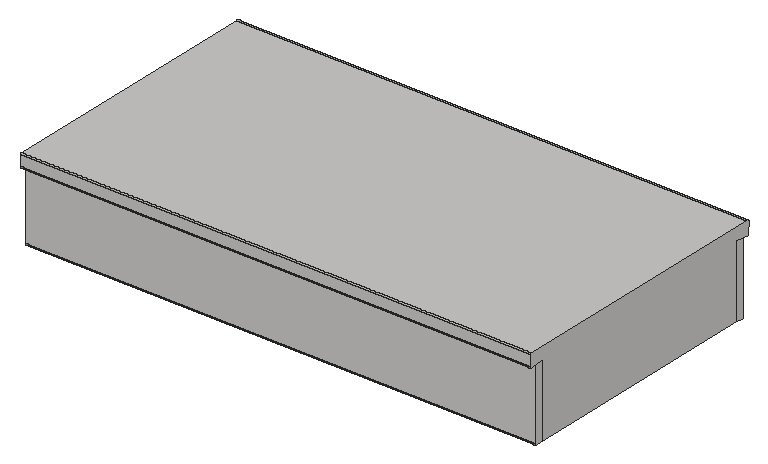
Revit family "QF_ELECTROLUXPROFESSIONAL_588124_MANABALOOO", category Specialty Equipment, Revit 2018
Family settings
  Round Connector Dimension = Use Diameter
  Part Type = Normal
  Work Plane-Based = No
  Always vertical = Yes
  Cut with Voids When Loaded = No
  Shared = No
  Room Calculation Point = No
Parameters
  Weight in Pounds = 77.16
  URL Cutsheet = "www.electrolux.com/professional"
  URL = "www.electrolux.com/professional"
  Type Mark [instance] = ""
  Status [instance] = ""
  Specification by User [instance] = ""
  Specification by Manufacturer = ""
  Serial Number = ""
  Seismic Rating = ""
  SMACNA No = ""
  Revision Code [instance] = ""
  Omniclass Number and Title = ""
  NAFEM Spec ID Number = ""
  Model = "588124"
  Masterspec = ""
  Manufacturer = "ELECTROLUX"
  Item Number [instance] = ""
  Installed By [instance] = ""
  Identify Quantity as Lot [instance] = yes
  Furnished By [instance] = ""
  Foodservice Equipment Identifier [instance] = yes
  Direct Waste Size = 0"
  Description = "CLOSED WORK TOP,1-SIDE,1500X800X250H"
  CSI MasterFormat = ""
  CSI Master Format = ""
Reference planes
  plane 1 "BACK": y = 0
  plane 2: z = 0
  plane 3 "LEFT": x = 0
  plane 4 "RIGHT": x = 1500
  plane 5 "FRONT": y = -800
  plane 6 "TOP": z = 250
  plane 7 "Center Y": x = 750
  plane 8 "Center X": y = -400
Forms (mm)
  Extrusion 1, solid, material "QF_Finishes_Stainless Steel"
    sketch origin (0, 50.048, 0) x (0, 1, 0) y (0, 0, 1)
      loop
        line (-95.048, 213) -> (-71.412, 213) -> (-54.743, 210.061)
        arc (-54.743, 210.061) -> (-51.477, 210.936) -> (-50.048, 214) r 4
        line (-50.048, 214) -> (-50.048, 246)
        arc (-50.048, 246) -> (-51.22, 248.828) -> (-54.048, 250) r 4
        line (-54.048, 250) -> (-846.048, 250)
        arc (-846.048, 250) -> (-848.877, 248.828) -> (-850.048, 246) r 4
        line (-850.048, 246) -> (-850.048, 214)
        arc (-850.048, 214) -> (-848.619, 210.936) -> (-845.353, 210.061) r 4
        line (-845.353, 210.061) -> (-828.509, 213) -> (-805.048, 213) -> (-805.048, 0) -> (-95.048, 0) -> (-95.048, 213)
    from 0 to 1500
  Extrusion 2, solid, material "QF_Finishes_Stainless Steel"
    sketch origin (0, 50.048, 0) x (0, 1, 0) y (0, 0, 1)
      loop
        arc (-828.048, 213) -> (-829.462, 212.414) -> (-830.048, 211) r 2
        line (-830.048, 211) -> (-830.048, 2)
        arc (-830.048, 2) -> (-829.462, 0.586) -> (-828.048, 0) r 2
        line (-828.048, 0) -> (-805.048, 0) -> (-805.048, 213) -> (-828.048, 213)
      loop
        line (-72.048, 213) -> (-95.048, 213) -> (-95.048, 0) -> (-72.048, 0)
        arc (-72.048, 0) -> (-70.634, 0.586) -> (-70.048, 2) r 2
        line (-70.048, 2) -> (-70.048, 211)
        arc (-70.048, 211) -> (-70.634, 212.414) -> (-72.048, 213) r 2
    from 0 to 1500
Lines and regions (mm)
  symbolic lines
    curve 1: line (0, 0, 0) -> (1500, 0, 0)
    curve 2: line (0, -800, 0) -> (0, 0, 0)
    curve 3: line (1500, -800, 0) -> (0, -800, 0)
    curve 4: line (1500, 0, 0) -> (1500, -800, 0)
Dimensions and locks
  equal spacing: plane 3 "LEFT", plane 7 "Center Y", plane 4 "RIGHT"
  plane 3 "LEFT" to plane 4 "RIGHT" = 1500.00 mm
  equal spacing: plane 5 "FRONT", plane 8 "Center X", plane 1 "BACK"
  plane 5 "FRONT" to plane 1 "BACK" = 800.00 mm
  plane 6 "TOP" to level = 250.00 mm
  aligned and locked: level to plane 2
  aligned and locked: Extrusion 1 to plane 4 "RIGHT"
  aligned and locked: Extrusion 2 to plane 4 "RIGHT"
Automatic sketch dimensions
  Extrusion 1 sketch curve to plane 6 "TOP" = 0.00 mm
  Extrusion 1 sketch curve to level = 0.00 mm
  Extrusion 1 sketch curve to plane 6 "TOP" = 36.00 mm
  plane 5 "FRONT" to Extrusion 1 sketch curve = 0.00 mm
  Extrusion 1 sketch curve to plane 6 "TOP" = 39.939 mm
  Extrusion 1 sketch curve to Extrusion 1 sketch curve = 4.00 mm
  Extrusion 1 sketch curve to Extrusion 1 sketch curve = 4.695 mm  (x2)
  Extrusion 1 sketch curve to Extrusion 1 sketch curve = 16.844 mm
  Extrusion 1 sketch curve to plane 5 "FRONT" = 45.00 mm
  plane 1 "BACK" to Extrusion 1 sketch curve = 45.00 mm
  Extrusion 1 sketch curve to Extrusion 1 sketch curve = 23.636 mm
  Extrusion 1 sketch curve to Extrusion 1 sketch curve = 17.364 mm
  Extrusion 1 sketch curve to Extrusion 1 sketch curve = 21.364 mm
  Extrusion 1 sketch curve to Extrusion 1 sketch curve = 0.00 mm  (x2)
  Extrusion 1 sketch curve to Extrusion 1 sketch curve = 0.695 mm
  Extrusion 1 sketch curve to plane 6 "TOP" = 37.00 mm  (x2)
  Extrusion 1 sketch curve to Extrusion 1 sketch curve = 1.00 mm
  Extrusion 2 sketch curve to level = 0.00 mm  (x2)
  level to Extrusion 2 sketch curve = 2.00 mm  (x2)
  Extrusion 2 sketch curve to plane 5 "FRONT" = 20.00 mm
  Extrusion 2 sketch curve to Extrusion 2 sketch curve = 2.00 mm
  Extrusion 2 sketch curve to Extrusion 2 sketch curve = 23.00 mm
  plane 1 "BACK" to Extrusion 2 sketch curve = 45.00 mm
  plane 1 "BACK" to Extrusion 2 sketch curve = 22.00 mm  (x2)
  Extrusion 2 sketch curve to plane 6 "TOP" = 39.00 mm  (x2)
  curve 3 to plane 3 "LEFT" = 0.00 mm
  curve 3 to plane 4 "RIGHT" = 0.00 mm
  plane 1 "BACK" to curve 2 = 0.00 mm
  curve 4 to plane 5 "FRONT" = 0.00 mm
